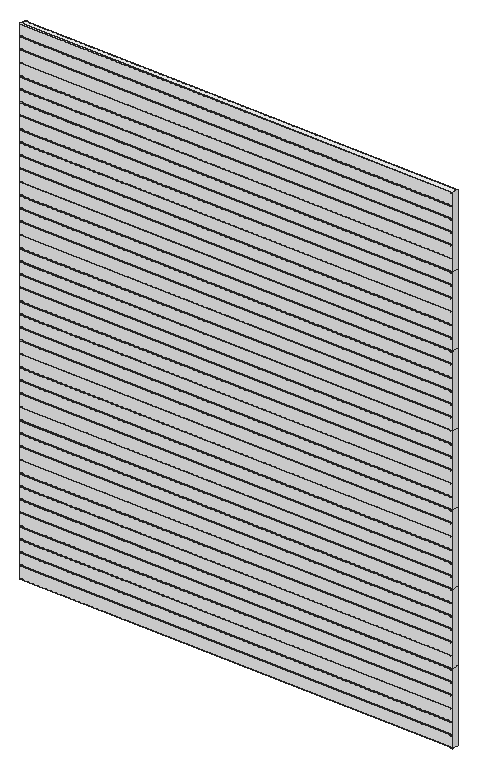
Revit family
Parameters (values of type "By Type")
  Windload = "Doors available rated for various design pressures; consult Clopay for avaialbility and specifications"
  VisSection6 = NumSections = 6  # no
  VisSection5 = NumSections > 4  # yes
  VisSection4 = NumSections > 3  # yes
  VisSection3 = NumSections > 2  # yes
  VisArray = NumSections > 6  # yes
  URL = "www.clopaydoor.com"
  Track = "Galvanized steel (gauge varies according to door size)"
  Thickness = 0' - 2"  # constant formula
  Spec Wizard = "http://www.arcat.com/specwizard/08360clo/index.htm"
  Section Height = Height / NumSections  # 2' - 0"
  Section 5 Glazing = Section : Solid
  Section 4 Glazing = Section : Solid
  Section 3 Glazing = Section : Solid
  Sales Information = "http://www.clopaydoor.com/where-to-buy.aspx?type=dealer"
  Rough Width = 0' - 0"  # constant formula
  Rough Height = 0' - 0"  # constant formula
  R-Value = "17.2"
  Product Features and Benefits = "http://www.clopaydoor.com/insulated-polyurethane-applications.aspx"
  Overlapping Jamb = yes
  Overlap = if(Overlapping Jamb, 0' 1", 0' 0")  # 0' - 1"
  Opening Width = 12' - 0"
  Opening Height = 14' - 0"
  Omniclass Table = "23-30 10 17 37 "
  NumSectionsNotRounded = Height / 2' 0"  # 7
  NumSections = NumSectionsNotRounded + 0.4999  # 7
  NumArraySections = if(NumSections > 6, NumSections - 5, 2)  # 2
  Model = "3720"
  Maximum Size = "Maximum 32' 2'' wide by 26' 0'' high. Additional limitations may apply do to door weight. Consult Clopay for specificiations and shop drawings."  # constant formula
  Manufacturer Website = "http://www.clopaydoor.com"
  Manufacturer Phone Number = "1-800-526-4301"
  Manufacturer Address = "1400 W. Market St., Troy, OH 45373"
  Manufacturer = "Clopay Building Products Company"
  LEED = "http://products.construction.com/swts_content_files/151607/303186.pdf"
  Keynote = "08 36 13"
  Interior Steel = "28 ga. galvanized, primed, and finish painted"
  Hardware = "14 ga. min. steel hinges; 10-ball steel rollers"
  GreenFormat = "http://www.greenformat.com/products/1536-Polyurethane%20Insulated%20Doors.rtf"
  Function = (empty or 0)
  Height = Opening Height + Rough Width * 0  # 14' - 0"
  Wall Closure = (empty or 0)
  Width = Opening Width + Rough Width * 0  # 12' - 0"
  FloorToSection7 = 6 * Section Height  # 12' - 0"
  FloorToSection6 = 5 * Section Height  # 10' - 0"
  FloorToSection5 = 4 * Section Height  # 8' - 0"
  FloorToSection4 = 3 * Section Height  # 6' - 0"
  FloorToSection3 = 2 * Section Height  # 4' - 0"
  FloorToSection2 = Section Height  # 2' - 0"
  File Revision = "02 (August, 2012)"
  Exterior Steel = "20 ga. galvanized, primed, and finish painted"
  Double End Stiles = Door Width > 14' 2"  # no
  Door Width = Opening Width + Overlap * 2  # 12' - 2"
  Door Height = Opening Height + Rough Width * 0  # 14' - 0"
  Description = "2'' thick polyurethane insulated, stucco embossed 20 gauge steel flush exterior."
  Core Material = "Expanded polyurethane"
  Copyright = "2010, Clopay Building Products Company, Inc."
  Color = White
  CAD and Specifications = "http://www.clopaydoor.com/insulated-polyurethane-specs.aspx"
  Assembly Code = "B2030410"
Reference planes (in)
  plane 1 "Center (Front/Back)": y = 0
  plane 2 "Center (Left/Right)": x = 0
  plane 3 "Left": x = -72
  plane 4 "Right": x = 72
  plane 5 "Top": z = 168
  plane 6 "Exterior": y = 3
  plane 7 "Interior": y = -3
  plane 8: z = 120
  plane 9: z = 144
Lines and regions (in)
  Opening 1
    outline origin (-90, -3, 0) x (1, 0, 0) y (0, 0, 1)
      loop
        line (18, 0) -> (162, 0) -> (162, 168) -> (18, 168) -> (18, 0)
Text (in)
  text "Exterior" at (-74.96733, 27.31104, 0), in view "Ref. Level"
  text "Interior" at (-74.96733, -25.14366, 0), in view "Ref. Level"
  text "Exterior" at (0, 40.15149, 123.01588), in view "Right"
  text "Interior" at (0, -64.39139, 123.01588), in view "Right"
  text "Interior" at (0, -31.01599, 123.00693), in view "Left"
  text "Exterior" at (0, 54.57065, 123.00693), in view "Left"
Dimensions and locks (in)
  equal spacing: plane 3 "Left", plane 2 "Center (Left/Right)", plane 4 "Right"
  "Height": level to plane 5 "Top"
  "Width": plane 3 "Left" to plane 4 "Right"
  host wall to plane 5 "Top" = 14' - 0"
  nested 1 to plane 7 "Interior" = 0' - 0 1/2"
  "FloorToSection6": plane 8 to level
  "FloorToSection7": plane 9 to level
  group 1 to group 2 = 0' - 0"  (x2)
  group 1 to group 2 = 2' - 0"
  host wall to host wall = 67' - 6"
  aligned and locked: plane 3 "Left" to Opening 1 sketch curve
  aligned and locked: plane 5 "Top" to Opening 1 sketch curve  (x2)
  aligned and locked: Opening 1 sketch curve to plane 4 "Right"
  aligned and locked: Opening 1 sketch curve to level
  aligned and locked: plane 6 "Exterior" to host wall
  aligned and locked: host wall to plane 7 "Interior"
  aligned and locked: plane 2 "Center (Left/Right)" to nested 2
  aligned and locked: plane 2 "Center (Left/Right)" to nested 3
  aligned and locked: plane 2 "Center (Left/Right)" to nested 4
  aligned and locked: plane 2 "Center (Left/Right)" to nested 5
  aligned and locked: plane 2 "Center (Left/Right)" to nested 7
  aligned and locked: nested 7 to plane 8
  aligned and locked: nested 8 to plane 9
  aligned and locked: plane 7 "Interior" to nested 2
  aligned and locked: plane 7 "Interior" to nested 7
  aligned and locked: host wall to nested 8
  aligned and locked: plane 7 "Interior" to nested 3
  aligned and locked: host wall to nested 3
  aligned and locked: plane 7 "Interior" to nested 1
  aligned and locked: nested 2 to host wall
  aligned and locked: plane 7 "Interior" to nested 6
  aligned and locked: plane 7 "Interior" to nested 5
  aligned and locked: host wall to nested 7
  aligned and locked: plane 7 "Interior" to nested 4
Nested families (in)
  nested 1: "Section" at (0, 0, 0), type "Solid"
  nested 2: "Section" at (0, 0, 24), built-in parameter 1001364 <- "Section Height", type "Solid"
  nested 3: "Section" at (0, 0, 48), type <- "Section 3 Glazing", built-in parameter 1001364 <- "FloorToSection3", visible <- "VisSection3", type "Solid"
  nested 4: "Section" at (0, 0, 120), built-in parameter 1001364 <- "FloorToSection6", visible <- "VisSection6", type "Solid"
  nested 5: "Section" at (0, 0, 96), built-in parameter 1001364 <- "FloorToSection5", type <- "Section 5 Glazing", visible <- "VisSection5", type "Solid"
  nested 6: "Section" at (0, 0, 72), type <- "Section 4 Glazing", built-in parameter 1001364 <- "FloorToSection4", visible <- "VisSection4", type "Solid"
  nested 7: "Section" at (0, 0, 120), visible <- "VisArray", type "Solid"
  nested 8: "Section" at (0, 0, 144), visible <- "VisArray", type "Solid"
Definition of nested family "Section"
  Parameters (values of type "Solid")
    X9 = if(if(NumArrayedWindows < NumWindows, NumArrayedWindows + 1, NumWindows) < 9, X1, X8 + 3' 8")  # 1' - 5 1/2"
    X8 = if(if(NumArrayedWindows < NumWindows, NumArrayedWindows + 1, NumWindows) < 8, X1, X7 + 3' 8")  # 1' - 5 1/2"
    X7 = if(if(NumArrayedWindows < NumWindows, NumArrayedWindows + 1, NumWindows) < 7, X1, X6 + 3' 8")  # 1' - 5 1/2"
    X6 = if(if(NumArrayedWindows < NumWindows, NumArrayedWindows + 1, NumWindows) < 6, X1, X5 + 3' 8")  # 1' - 5 1/2"
    X5 = if(if(NumArrayedWindows < NumWindows, NumArrayedWindows + 1, NumWindows) < 5, X1, X4 + 3' 8")  # 1' - 5 1/2"
    X4 = if(if(NumArrayedWindows < NumWindows, NumArrayedWindows + 1, NumWindows) < 4, X1, X3 + 3' 8")  # 1' - 5 1/2"
    X3 = if(NumWindows < 3, X1, X2 + 3' 8")  # 8' - 9 1/2"
    X2 = if(NumWindows < 2, ((Door Width - (NumWindows - 1) * 3' 8") / 2 - Cutout Width / 2), ((Door Width - (NumWindows - 1) * 3' 8") / 2 - Cutout Width / 2) + 3' 8")  # 5' - 1 1/2"
    WindowVis = no
    WindowCutDepth = -0' - 0 13/128"
    Section Height = 2' - 0"
    RibSpacing = Section Height / (NumRibs + 1)  # 0' - 4"
    NumWindows = if(Door Width < 9' 4", 2, if(Door Width < 13' 4", 3, if(Door Width < 16' 4", 4, if(Door Width < 20' 4", 5, if(Door Width < 24' 4", 6, if(Door Width < 26' 4", 7, if(Door Width < 31' 8", 8, 10)))))))  # 3
    NumRibs = if(Section Height < 1' 9", 3, if(Section Height < 2' 0", 4, 5))  # 5
    NumArrayedWindows = if(X2 = X1, NumWindows - 2, NumWindows)  # 3
    Half Section Height = Section Height / 2  # 1' - 0"
    Half Door Width Neg = -Half Door Width  # -6' - 1"
    Half Door Width = Door Width / 2  # 6' - 1"
    Half Cutout Height = Cutout Height / 2  # 0' - 3 1/2"
    Function = (empty or 0)
    Height = 0' - 0"
    Wall Closure = (empty or 0)
    Width = 0' - 0"
    X1 = if(or(Door Width > 31' 6", and(Door Width > 26' 2", Door Width < 28' 1"), Door Width = 24' 3", Door Width = 24' 4", and(Door Width > 20' 2", Door Width < 20' 11"), and(Door Width > 16' 2", Door Width < 17' 3")), X2, (Door Width - (NumWindows - 1) * 3' 8") / 2 - Cutout Width / 2)  # 1' - 5 1/2"
    Door Width = 12' - 2"
    CutoutToCutout = 1' - 0"
    Cutout Width = 1' - 11"
    Cutout Height = 0' - 7"
    Color = White
    BtmTo1stRib = RibSpacing  # 0' - 4"
    Assembly Code = ""
  Reference planes (in)
    plane 1 "Center (Front/Back)": y = 0
    plane 2 "Center (Left/Right)": x = 0
    plane 3 "Exterior": y = 3
    plane 4 "Interior": y = -3
    plane 5: y = -3.5
    plane 6: x = 73
    plane 7: x = -73
    plane 8: z = 4
    plane 9: z = 8
    plane 10: z = 24
    plane 11: z = 12
    plane 12: z = 0
  Forms (in)
    Extrusion 1, solid, material "White" <- "Color"
      sketch origin (-73, -12, 83.08252) x (0, 0, 1) y (0, -1, 0)
        loop
          line (-59.08252, -8.37573) -> (-59.08252, -6.62444)
          arc (-59.08252, -6.62444) -> (-59.11897, -6.53645) -> (-59.20696, -6.5) r 0.12444
          line (-59.20696, -6.5) -> (-82.95809, -6.5)
          arc (-82.95809, -6.5) -> (-83.04608, -6.53645) -> (-83.08252, -6.62444) r 0.12444
          line (-83.08252, -6.62444) -> (-83.08252, -8.37573)
          arc (-83.08252, -8.37573) -> (-83.04612, -8.4636) -> (-82.95825, -8.5) r 0.12427
          line (-82.95825, -8.5) -> (-59.20679, -8.5)
          arc (-59.20679, -8.5) -> (-59.11892, -8.4636) -> (-59.08252, -8.37573) r 0.12427
      from 0 to 146 <- "Door Width"
    Extrusion 2, void
      sketch origin (0, -8.99984, -0.5) x (0, 1, 0) y (0, 0, -1)
        loop
          line (3.5, -4.62727) -> (3.53032, -4.58058)
          arc (3.53032, -4.58058) -> (3.53753, -4.56494) -> (3.54, -4.5479) r 0.06
          line (3.54, -4.5479) -> (3.54, -4.4521)
          arc (3.54, -4.4521) -> (3.53753, -4.43506) -> (3.53032, -4.41942) r 0.06
          line (3.53032, -4.41942) -> (3.5, -4.37273) -> (3.5, -4.62727)
      from -73 <- "Half Door Width Neg" to 146 <- "Door Width"
    Extrusion 3, void
      sketch origin (0, -8.99984, 3.5) x (0, 1, 0) y (0, 0, -1)
        loop
          line (3.5, -4.62727) -> (3.53032, -4.58058)
          arc (3.53032, -4.58058) -> (3.53753, -4.56494) -> (3.54, -4.5479) r 0.06
          line (3.54, -4.5479) -> (3.54, -4.4521)
          arc (3.54, -4.4521) -> (3.53753, -4.43506) -> (3.53032, -4.41942) r 0.06
          line (3.53032, -4.41942) -> (3.5, -4.37273) -> (3.5, -4.62727)
      from -73 <- "Half Door Width Neg" to 146 <- "Door Width"
    Extrusion 4, void
      sketch origin (0, -8.99984, 7.5) x (0, 1, 0) y (0, 0, -1)
        loop
          line (3.5, -4.62727) -> (3.53032, -4.58058)
          arc (3.53032, -4.58058) -> (3.53753, -4.56494) -> (3.54, -4.5479) r 0.06
          line (3.54, -4.5479) -> (3.54, -4.4521)
          arc (3.54, -4.4521) -> (3.53753, -4.43506) -> (3.53032, -4.41942) r 0.06
          line (3.53032, -4.41942) -> (3.5, -4.37273) -> (3.5, -4.62727)
      from -73 <- "Half Door Width Neg" to 146 <- "Door Width"
    Extrusion 5, void
      sketch origin (0, -8.99984, 11.5) x (0, 1, 0) y (0, 0, -1)
        loop
          line (3.5, -4.62727) -> (3.53032, -4.58058)
          arc (3.53032, -4.58058) -> (3.53753, -4.56494) -> (3.54, -4.5479) r 0.06
          line (3.54, -4.5479) -> (3.54, -4.4521)
          arc (3.54, -4.4521) -> (3.53753, -4.43506) -> (3.53032, -4.41942) r 0.06
          line (3.53032, -4.41942) -> (3.5, -4.37273) -> (3.5, -4.62727)
      from -73 <- "Half Door Width Neg" to 146 <- "Door Width"
    Extrusion 6, void
      sketch origin (0, -8.99984, 15.5) x (0, 1, 0) y (0, 0, -1)
        loop
          line (3.5, -4.62727) -> (3.53032, -4.58058)
          arc (3.53032, -4.58058) -> (3.53753, -4.56494) -> (3.54, -4.5479) r 0.06
          line (3.54, -4.5479) -> (3.54, -4.4521)
          arc (3.54, -4.4521) -> (3.53753, -4.43506) -> (3.53032, -4.41942) r 0.06
          line (3.53032, -4.41942) -> (3.5, -4.37273) -> (3.5, -4.62727)
      from -73 <- "Half Door Width Neg" to 146 <- "Door Width"
  Cuts and joins
    Extrusion 2, Extrusion 3, Extrusion 4, Extrusion 5, Extrusion 6 cuts Extrusion 1
  Lines and regions (in)
    reference lines
      curve 1: line (-72, -5.45984, 4) -> (-72, -5.49984, 4)
      curve 2: line (-72, -5.45984, 4) -> (-72, -5.49984, 4)
      curve 3: line (-72, -5.45984, 8) -> (-72, -5.49984, 8)
      curve 4: line (-72, -5.45984, 12) -> (-72, -5.49984, 12)
      curve 5: line (-72, -5.45984, 16) -> (-72, -5.49984, 16)
      curve 6: line (-72, -5.45984, 20) -> (-72, -5.49984, 20)
  Text (in)
    text "Exterior" at (-74.96733, 27.31104, 0), in view "Ref. Level"
    text "Interior" at (-74.96733, -25.14366, 0), in view "Ref. Level"
    text "Exterior" at (0, 40.15149, 123.01588), in view "Right"
    text "Interior" at (0, -64.39139, 123.01588), in view "Right"
    text "Interior" at (0, -31.01599, 123.00693), in view "Left"
    text "Exterior" at (0, 54.57065, 123.00693), in view "Left"
  Dimensions and locks (in)
    plane 4 "Interior" to plane 5 = 0' - 0 1/2"
    "Half Door Width": plane 2 "Center (Left/Right)" to plane 7
    "Half Door Width": plane 6 to plane 2 "Center (Left/Right)"
    Extrusion 1 sketch curve to Extrusion 1 sketch curve = 0' - 2"
    "BtmTo1stRib": plane 8 to level
    "RibSpacing": plane 9 to plane 8
    "Section Height": plane 10 to level
    Extrusion 2 sketch curve to Extrusion 2 sketch curve = 0' - 0.25454"
    Extrusion 2 sketch curve to Extrusion 2 sketch curve = 0' - 0.04"  (x2)
    Extrusion 2 sketch curve to curve 2 = 0' - 0.12727"
    "Half Section Height": level to plane 11
    locked: plane 4 "Interior" to cut or joined group of Extrusion 1, Extrusion 2, Extrusion 3, Extrusion 4, Extrusion 5, Extrusion 6 at 0.5
    Extrusion 3 sketch curve to Extrusion 3 sketch curve = 0' - 0.25454"
    Extrusion 3 sketch curve to Extrusion 3 sketch curve = 0' - 0.04"  (x2)
    Extrusion 3 sketch curve to curve 3 = 0' - 0.12727"
    equal spacing: group 1, group 2, group 3, group 4, group 5  (x3)
    Extrusion 4 sketch curve to Extrusion 4 sketch curve = 0' - 0.25454"
    Extrusion 4 sketch curve to Extrusion 4 sketch curve = 0' - 0.04"  (x2)
    Extrusion 4 sketch curve to curve 4 = 0' - 0.12727"
    Extrusion 5 sketch curve to Extrusion 5 sketch curve = 0' - 0.25454"
    Extrusion 5 sketch curve to Extrusion 5 sketch curve = 0' - 0.04"  (x2)
    Extrusion 5 sketch curve to curve 5 = 0' - 0.12727"
    Extrusion 6 sketch curve to Extrusion 6 sketch curve = 0' - 0.25454"
    Extrusion 6 sketch curve to Extrusion 6 sketch curve = 0' - 0.04"  (x2)
    Extrusion 6 sketch curve to curve 6 = 0' - 0.12727"
    radius of Extrusion 1 sketch curve = 0' - 0.12427"  (x2)
    radius of Extrusion 1 sketch curve = 0' - 0.12444"  (x2)
    angle Extrusion 2 sketch curve to Extrusion 2 sketch curve = 147.00°  (x2)
    angle Extrusion 3 sketch curve to Extrusion 3 sketch curve = 147.00°  (x2)
    angle Extrusion 4 sketch curve to Extrusion 4 sketch curve = 147.00°  (x2)
    angle Extrusion 5 sketch curve to Extrusion 5 sketch curve = 147.00°  (x2)
    angle Extrusion 6 sketch curve to Extrusion 6 sketch curve = 147.00°  (x2)
    aligned and locked: Extrusion 1 sketch curve to plane 5
    aligned: cut or joined group of Extrusion 1, Extrusion 2, Extrusion 3, Extrusion 4, Extrusion 5, Extrusion 6 to cut or joined group of Extrusion 1, Extrusion 2, Extrusion 3, Extrusion 4, Extrusion 5, Extrusion 6  (x9)
    aligned and locked: plane 12 to level
    aligned and locked: curve 3 to plane 9
    aligned and locked: curve 2 to plane 8
  Automatic sketch dimensions
    curve 1 to curve 1 = 0' - 0.04"  (x2)
    curve 2 to curve 2 = 0' - 0.04"
    Extrusion 2 sketch curve to Extrusion 2 sketch curve = 0' - 0"
    Extrusion 2 sketch curve to Extrusion 2 sketch curve = 0' - 0.02"
    Extrusion 2 sketch curve to Extrusion 2 sketch curve = 0' - 0.00968"  (x2)
    curve 1 to plane 8 = 0' - 0"
    Extrusion 1 sketch curve to plane 10 = 0' - 0"
    Extrusion 1 sketch curve to level = 0' - 0"
    curve 1 to plane 5 = 0' - 1.95984"
    Extrusion 3 sketch curve to Extrusion 3 sketch curve = 0' - 0"
    Extrusion 3 sketch curve to Extrusion 3 sketch curve = 0' - 0.02"
    Extrusion 3 sketch curve to Extrusion 3 sketch curve = 0' - 0.00968"  (x2)
    Extrusion 4 sketch curve to Extrusion 4 sketch curve = 0' - 0"
    Extrusion 4 sketch curve to Extrusion 4 sketch curve = 0' - 0.02"
    Extrusion 4 sketch curve to Extrusion 4 sketch curve = 0' - 0.00968"  (x2)
    Extrusion 5 sketch curve to Extrusion 5 sketch curve = 0' - 0"
    Extrusion 5 sketch curve to Extrusion 5 sketch curve = 0' - 0.02"
    Extrusion 5 sketch curve to Extrusion 5 sketch curve = 0' - 0.00968"  (x2)
    Extrusion 6 sketch curve to Extrusion 6 sketch curve = 0' - 0"
    Extrusion 6 sketch curve to Extrusion 6 sketch curve = 0' - 0.02"
    Extrusion 6 sketch curve to Extrusion 6 sketch curve = 0' - 0.00968"  (x2)
